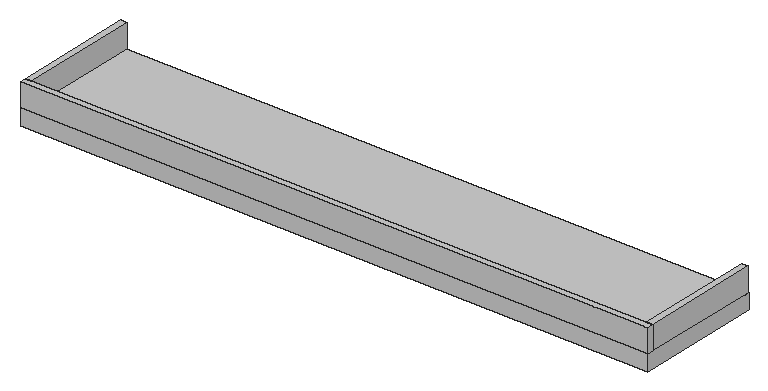
Revit family "Bancada_Lab_Lin_Seca", category Plumbing Fixtures, host Wall, Revit 2025
Family settings
  Host = Wall
  Round Connector Dimension = Use Diameter
  Part Type = Normal
  Enable Cutting in Views = No
  Always vertical = Yes
  Cut with Voids When Loaded = No
  Maintain Annotation Orientation = No
  Shared = No
  Room Calculation Point = Yes
Parameters (values of type "BAN_040x090_LIN_SEC_LAB")
  Material_Bancada [instance] = CT_Bancadas_Labs
  Description = "Descrição do tipo"
  Default Elevation = 0.000 m
  Coloca_Espelho_2 [instance] = yes
  Coloca_Espelho_1 [instance] = yes
  Bancada_Profundidade = 0.400 m
  Bancada_Frente [instance] = 2.000 m
  Bancada_Altura = 0.900 m
Types (4, lengths in m): name | Bancada_Profundidade
  BAN_040x090_LIN_SEC_LAB | 0.400
  BAN_050x090_LIN_SEC_LAB | 0.500
  BAN_060x090_LIN_SEC_LAB | 0.600
  BAN_080x090_LIN_SEC_LAB | 0.800
Reference planes (m)
  plane 1: y = 0
  plane 2 "Back": y = 0.075
  plane 3: z = 0.9
  plane 4: x = -1.082628
  plane 5: x = 0.917372
  plane 6: y = 0.475
  plane 7: z = 0.85
  plane 8: z = 0.975
  plane 9 "Centro_Bancada": x = -0.082628
Forms (m)
  Extrusion 1, solid, material "CT_Bancadas_Labs" <- "Material_Bancada"
    sketch origin (0, 0, 0) x (1, 0, 0) y (0, 1, 0)
      loop
        line (-1.082628, 0.475) -> (-1.082628, 0.075) -> (0.917372, 0.075) -> (0.917372, 0.475) -> (-1.082628, 0.475)
    from 0.85 to 0.9
  Extrusion 2, solid, material "CT_Bancadas_Labs" <- "Material_Bancada"
    sketch origin (0, 0, 0) x (1, 0, 0) y (0, 1, 0)
      loop
        line (-1.082628, 0.075) -> (0.917372, 0.075) -> (0.917372, 0.095) -> (-1.082628, 0.095) -> (-1.082628, 0.075)
    from 0.9 to 0.975
  Extrusion 3, solid, material "CT_Bancadas_Labs" <- "Material_Bancada", visible <- "Coloca_Espelho_2"
    sketch origin (-1.157628, 1.157628, 0) x (0, 1, 0) y (-1, 0, 0)
      loop
        line (-1.062628, -0.075) -> (-1.062628, -0.095) -> (-0.682628, -0.095) -> (-0.682628, -0.075) -> (-1.062628, -0.075)
    from 0.9 to 0.975
  Extrusion 4, solid, material "CT_Bancadas_Labs" <- "Material_Bancada", visible <- "Coloca_Espelho_1"
    sketch origin (0.992372, 1.157628, 0) x (0, 1, 0) y (-1, 0, 0)
      loop
        line (-1.062628, 0.075) -> (-0.682628, 0.075) -> (-0.682628, 0.095) -> (-1.062628, 0.095) -> (-1.062628, 0.075)
    from 0.9 to 0.975
Text (m)
  text "Frente" at (-1.787139, 0.59235, 0), in view "Ref. Level"
  text "Placement side" at (0, 1.827695, 2.917686), in view "Left"
  text "Placement side" at (0, 0.562268, 3.853606), in view "Right"
Dimensions and locks (m)
  locked: plane 2 "Back" to host wall
  "Bancada_Altura": level to plane 3
  "Bancada_Frente": plane 4 to plane 5
  plane 7 to plane 3 = 0.050 m
  "Bancada_Profundidade": plane 6 to plane 2 "Back"
  locked: plane 3 to plane 8 at 0.075
  equal spacing: plane 4, plane 9 "Centro_Bancada", plane 5
  aligned and locked: plane 1 to host wall
  aligned and locked: Extrusion 1 sketch curve to plane 6
  aligned and locked: plane 4 to Extrusion 1 sketch curve
  aligned and locked: Extrusion 1 sketch curve to plane 2 "Back"
  aligned and locked: Extrusion 1 sketch curve to plane 5
  aligned and locked: plane 3 to Extrusion 1
  aligned and locked: Extrusion 1 to plane 7
  aligned and locked: Extrusion 2 sketch curve to Extrusion 1
  aligned and locked: Extrusion 1 to Extrusion 2 sketch curve
  aligned and locked: plane 5 to Extrusion 2 sketch curve
  aligned and locked: Extrusion 2 to plane 3
  aligned and locked: plane 8 to Extrusion 2
  aligned and locked: Extrusion 3 to plane 4
  aligned and locked: plane 5 to Extrusion 4
  aligned and locked: Extrusion 4 to Extrusion 2
  aligned and locked: plane 6 to Extrusion 4
  aligned and locked: plane 8 to Extrusion 4
  aligned and locked: Extrusion 4 to plane 3
  aligned and locked: plane 8 to Extrusion 3
  aligned and locked: Extrusion 3 to plane 3
Automatic sketch dimensions
  host wall to Extrusion 2 sketch curve = 0.020 m
  Extrusion 3 sketch curve to plane 4 = 0.000 m
  Extrusion 3 sketch curve to plane 6 = 0.000 m
  Extrusion 3 sketch curve to host wall = 0.020 m
  Extrusion 3 sketch curve to Extrusion 3 sketch curve = 0.020 m
  Extrusion 4 sketch curve to plane 5 = 0.000 m
  Extrusion 4 sketch curve to plane 6 = 0.000 m
  host wall to Extrusion 4 sketch curve = 0.020 m
  Extrusion 4 sketch curve to Extrusion 4 sketch curve = 0.020 m
